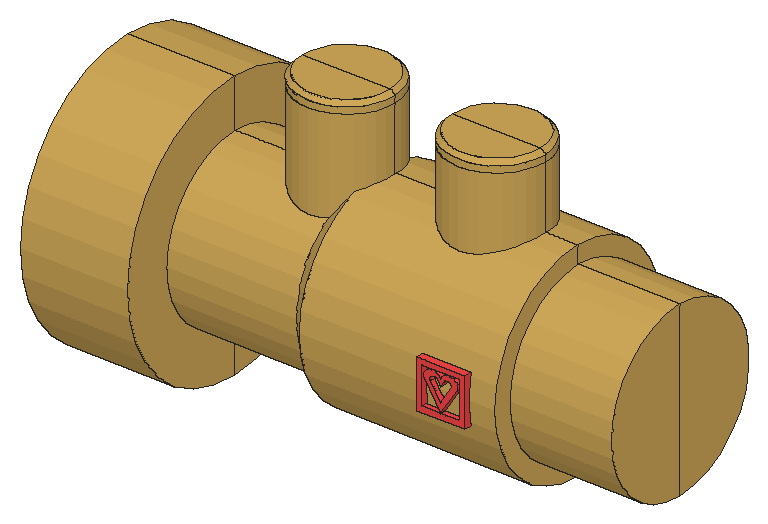
Revit family "Rückflussverhinderer 2623", category Rohrzubehör, Revit 2021
Family settings
  Bemaßung runder Anschluss = Durchmesser verwenden
  Teiletyp = Unterbricht
  OmniClass-Nummer = 23.65.55.14
  OmniClass-Titel = Valves for Liquid Services
  Arbeitsebenenbasiert = Nein
  Immer vertikal = Ja
  Beim Laden mit Abzugskörper schneiden = Nein
  Gemeinsam genutzt = Nein
Parameters
  Vorgabe-Ansicht = 0.00 mm
  Min. Betriebstemperatur (Wasser) = 0.5 °C  # constant formula
  Min. Betriebstemperatur = -10 °C  # constant formula
  Max. Betriebstemperatur = 95 °C  # constant formula
  Max. Betriebsdruck = 1600000.0 Pa  # constant formula
  W01 = 45.00°  # constant formula
  URL = "www.herz-armaturen.at"
  Stopfen = "Messing"  # constant formula
  SC_NennweiteBerechnet = 0
  SC_Dimension = ""
  SCTWSEQ = "FW;SBT_TYP_FW=\"108\";2"
  SCTWCODE = "04;14;02"  # constant formula
  S03 = 10.00 mm  # constant formula
  S02 [instance] = L00 / 2  # 44.00 mm
  S01 [instance] = (L00 / 2) + L07 - L06  # 59.00 mm
  Rückschlagventil = "POM (Gehäuse), NBR (O-Ring), Edelstahl AISI 302 (Feder)"  # constant formula
  R01 = 9.00 mm  # constant formula
  Nennweite [instance] = 32.00 mm
  Medium = "klare Flüssigkeiten"  # constant formula
  LO1 [instance] = if(Nennweite = 20.00 mm, 18.00 mm, if(Nennweite = 25.00 mm, 18.00 mm, if(Nennweite = 32.00 mm, 24.00 mm, 1.00 mm)))  # 24.00 mm
  L07 [instance] = size_lookup("2623_", "L7", 1.00 mm, Nennweite)  # 20.00 mm
  L06 [instance] = size_lookup("2623_", "L6", 1.00 mm, Nennweite)  # 5.00 mm
  L05 [instance] = size_lookup("2623_", "L5", 1.00 mm, Nennweite) + L04  # 53.90 mm
  L04 [instance] = size_lookup("2623_", "L4", 1.00 mm, Nennweite)  # 25.90 mm
  L03 [instance] = size_lookup("2623_", "L3", 1.00 mm, Nennweite)  # 19.00 mm
  L02 [instance] = size_lookup("2623_", "L2", 1.00 mm, Nennweite)  # 32.50 mm
  L01 [instance] = size_lookup("2623_", "L1", 1.00 mm, Nennweite)  # 2.50 mm
  L00 [instance] = size_lookup("2623_", "L", 1.00 mm, Nennweite)  # 88.00 mm
  Innengewinde = "gemäß ISO 228"  # constant formula
  IG [instance] = Nennweite / 2  # 16.00 mm
  Hinweis = "Gemäß Art 33 der REACH-Verordnung (EG Nr. 1907/2006) sind wir verpflichtet, darauf hinzuweisen, dass der Stoff Blei auf der SVHC-Liste geführt wird und dass alle aus Messing bestehenden Bauteile, die in unseren Erzeugnissen verarbeitet sind, mehr als 0,1 % (w/w) Blei (CAS: 7439-92-1 / EINECS: 231-100-4) enthalten.\r\nDa Blei als Legierungsbestandteil fest gebunden ist, sind keine Expositionen zu erwarten und daher sind keine zusätzlichen Angaben zur sicheren Verwendung notwendig."
  Hersteller = "HERZ Armaturen Ges.m.b.H."  # constant formula
  H02 = 2.00 mm  # constant formula
  H01 [instance] = size_lookup("2623_", "H1", 1.00 mm, Nennweite)  # 31.00 mm
  Gehäuse = "Pressmessing gemäß EN 12420"  # constant formula
  GT [instance] = size_lookup("2623_", "GT", 1.00 mm, Nennweite)  # 12.00 mm
  Endstück = "Pressmessing"  # constant formula
  Dichtung = "EPDM"  # constant formula
  D04 [instance] = size_lookup("2623_", "D4", 1.00 mm, Nennweite)  # 25.00 mm
  D03 [instance] = size_lookup("2623_", "D3", 1.00 mm, Nennweite)  # 19.30 mm
  D02 [instance] = size_lookup("2623_", "D2", 1.00 mm, Nennweite)  # 16.00 mm
  D01 [instance] = size_lookup("2623_", "D1", 1.00 mm, Nennweite)  # 18.90 mm
  Bestellnummer [instance] = size_lookup("2623_", "Artnr", 0, Nennweite)  # 1262304
  Außengewinde = "gemäß ISO 228"  # constant formula
  Anwendung = "Kann in Zentralheizungsanlagen, Energiesystemen, Konstruktionen und Maschinenbauanlagen überall verwendet werden, um Rückschläge zu verhindern.\r\nDieses Produkt kann mit verschiedenen Medien betrieben werden, im allgemeinen wird es jedoch mit klaren Flüssigkeiten benutzt.\r\nDas Ventil kann in jeder Position benutzt werden.\r\nDie Strömungsrichtung ist mit einem Pfeil am Gehäuse angegeben.\r\nDas Rückschlagventil wird federbelastet mittels einer Axialführung und kann sowohl bei niedrigen als auch bei hohen Drücken arbeiten.\r\nZum Messen sind zwei Bohrungen im Gehäuse ausgeführt in welchen jeweils ein 1/4 Stopfen montiert ist."
  AG [instance] = Nennweite / 2  # 16.00 mm
Reference planes
  plane 1 "Mitte (Vorne/hinten)": y = 0
  plane 2: z = 0
  plane 3 "Mitte (Links/rechts)": x = 0
Forms (mm)
  Revolve 1, solid, material "Messing, weicher Gelbton, geschweißt", detail levels fine
    sketch origin (0, 0, 0) x (1, 0, 0) y (0, 0, 1)
      loop
        line (-44, 0) -> (44, 0) -> (44, 16) -> (25, 16) -> (25, 19.3) -> (-11.5, 19.3) -> (-14.8, 16) -> (-41.5, 16) -> (-41.5, 18.9) -> (-44, 18.9) -> (-44, 0)
      axis (-44, 0) -> (44, 0)
    angle from 0 to 360
  Revolve 2, solid, material "Messing, weicher Gelbton, geschweißt", detail levels fine
    sketch origin (0, 0, 0) x (1, 0, 0) y (0, 0, 1)
      loop
        line (-18.1, 0) -> (-9.1, 0) -> (-9.1, 31) -> (-18.1, 31) -> (-18.1, 0)
      axis (-18.1, 31) -> (-18.1, 0)
    angle from 0 to 360
  Revolve 3, solid, material "Messing, weicher Gelbton, geschweißt", detail levels fine
    sketch origin (0, 0, 0) x (1, 0, 0) y (0, 0, 1)
      loop
        line (9.9, 0) -> (18.9, 0) -> (18.9, 31) -> (9.9, 31) -> (9.9, 0)
      axis (9.9, 31) -> (9.9, 0)
    angle from 0 to 360
  Revolve 4, solid, material "Messing, weicher Gelbton, geschweißt", detail levels fine
    sketch origin (0, 0, 0) x (1, 0, 0) y (0, 0, 1)
      loop
        line (-39, 0) -> (-39, 25) -> (-59, 25) -> (-59, 16) -> (-47, 16) -> (-47, 0) -> (-39, 0)
      axis (-59, 0) -> (-39, 0)
    angle from 0 to 360
  Revolve 5, solid, material "Messing, weicher Gelbton, geschweißt", detail levels fine
    sketch origin (0, 0, 0) x (1, 0, 0) y (0, 0, 1)
      loop
        line (-18.1, 31) -> (-9.1, 31) -> (-9.1, 32.2) -> (-9.9, 33) -> (-18.1, 33) -> (-18.1, 31)
      axis (-18.1, 33) -> (-18.1, 31)
    angle from 0 to 360
  Revolve 6, solid, material "Messing, weicher Gelbton, geschweißt", detail levels fine
    sketch origin (0, 0, 0) x (1, 0, 0) y (0, 0, 1)
      loop
        line (9.9, 31) -> (18.9, 31) -> (18.9, 32.2) -> (18.1, 33) -> (9.9, 33) -> (9.9, 31)
      axis (9.9, 31) -> (9.9, 33)
    angle from 0 to 360
Lines and regions (mm)
  model lines, detail levels coarse+medium
    curve 1: line (-59, 0, 25) -> (-59, 0, -25)
    curve 2: line (-59, 0, 25) -> (44, 0, -25)
    curve 3: line (44, 0, -25) -> (44, 0, 25)
    curve 4: circle (-59, 0, 25) r 10 normal (0, -1, 0)
    curve 5: line (-59, -25, 0) -> (-59, 25, 0)
    curve 6: line (-59, 25, 0) -> (44, -25, 0)
    curve 7: line (44, -25, 0) -> (44, 25, 0)
    curve 8: circle (-59, 25, 0) r 10 normal (0, 0, 1)
Dimensions and locks
  equal spacing: Revolve 1 sketch curve, plane 3 "Mitte (Links/rechts)", Revolve 1 sketch curve
  "L00": Revolve 1 sketch curve to Revolve 1 sketch curve
  "AG": Revolve 1 sketch curve to plane 2
  "L01": Revolve 1 sketch curve to Revolve 1 sketch curve
  "L02": Revolve 1 sketch curve to Revolve 1 sketch curve
  "D01": Revolve 1 sketch curve to plane 2
  "D02": Revolve 1 sketch curve to plane 2
  "D03": Revolve 1 sketch curve to plane 2
  "L03": Revolve 1 sketch curve to Revolve 1 sketch curve
  "R01": Revolve 2 sketch curve to Revolve 2 sketch curve
  "H01": Revolve 2 sketch curve to plane 2
  "L04": Revolve 1 to Revolve 2 sketch curve
  "L05": Revolve 1 to Revolve 3 sketch curve
  "R01": Revolve 3 sketch curve to Revolve 3 sketch curve
  "H01": Revolve 3 sketch curve to plane 2
  "D03": nested 1 to plane 1 "Mitte (Vorne/hinten)"
  "LO1": nested 1 to Revolve 1
  "L06": Revolve 1 to Revolve 4 sketch curve
  "L07": Revolve 4 sketch curve to Revolve 4 sketch curve
  "GT": Revolve 4 sketch curve to Revolve 4 sketch curve
  "D04": Revolve 4 sketch curve to plane 2
  "IG": Revolve 4 sketch curve to Revolve 4 sketch curve
  "H01": Revolve 5 sketch curve to plane 2
  "H02": Revolve 5 sketch curve to Revolve 5 sketch curve
  "R01": Revolve 5 sketch curve to Revolve 5 sketch curve
  "L04": Revolve 1 to Revolve 5 sketch curve
  "R01": Revolve 6 sketch curve to Revolve 6 sketch curve
  "H01": Revolve 6 sketch curve to plane 2
  "H02": Revolve 6 sketch curve to Revolve 6 sketch curve
  "L05": Revolve 6 sketch curve to Revolve 1
  "D04": curve 2 to plane 2 to curve 1
  "D04": curve 3 to plane 2 to curve 3
  "S01": curve 1 to plane 3 "Mitte (Links/rechts)"
  "S02": curve 3 to plane 3 "Mitte (Links/rechts)"
  "S01": plane 3 "Mitte (Links/rechts)" to curve 4
  "D04": curve 5 to plane 1 "Mitte (Vorne/hinten)" to curve 6
  "D04": curve 7 to plane 1 "Mitte (Vorne/hinten)" to curve 7
  "S01": curve 5 to plane 3 "Mitte (Links/rechts)"
  "S02": plane 3 "Mitte (Links/rechts)" to curve 7
  "S01": curve 8 to plane 3 "Mitte (Links/rechts)"
  "S03": radius of curve 4
  "S03": radius of curve 8
  "W01": angle Revolve 1 sketch curve to Revolve 1 sketch curve
  "W01": angle Revolve 5 sketch curve to Revolve 5 sketch curve
  "W01": angle Revolve 6 sketch curve to Revolve 6 sketch curve
  aligned and locked: level to plane 2
Automatic sketch dimensions
  curve 4 to curve 1 = 0.00 mm
  curve 8 to curve 5 = 0.00 mm
  Revolve 1 sketch curve to level = 0.00 mm  (x2)
  Revolve 1 sketch curve to Revolve 1 sketch curve = 0.00 mm
  Revolve 1 sketch curve to Revolve 1 sketch curve = 1805.148 mm
  Revolve 2 sketch curve to level = 0.00 mm  (x2)
  Revolve 2 sketch curve to Revolve 2 sketch curve = 0.00 mm  (x2)
  Revolve 3 sketch curve to level = 0.00 mm  (x2)
  Revolve 3 sketch curve to Revolve 3 sketch curve = 0.00 mm  (x2)
  Revolve 4 sketch curve to level = 0.00 mm  (x2)
  Revolve 4 sketch curve to Revolve 4 sketch curve = 1461.53 mm
  plane 3 "Mitte (Links/rechts)" to Revolve 4 sketch curve = 1839.148 mm
  Revolve 5 sketch curve to Revolve 5 sketch curve = 0.00 mm  (x3)
  Revolve 5 sketch curve to Revolve 5 sketch curve = 0.80 mm
  Revolve 6 sketch curve to Revolve 6 sketch curve = 0.00 mm  (x3)
  Revolve 6 sketch curve to Revolve 6 sketch curve = 0.80 mm
Nested families
  nested 1: "Herz-Logo-vorne" at (15.5, -19.3, 0) x (0, 1, 0) z (0, 0, 1), type "Herz-Logo-vorne", detail levels fine
Connectors
  piping at (44, 0, 0), diameter 32, driven by "Nennweite"
    settings: on Revolve 1, index 2, connector inside diameter 609.6 mm, connector length 0.00 mm, flow factor 0, pipe flow 0.0 L/s, pressure drop 0.0 Pa, fitting loss kfactor 0, connector angle 0.00°, fixture units 0, engagement length 0.00 mm, angle of deflection 0.00°, flow configuration 0, flow direction 2, fitting loss method 0, system type 29, joint type 0, gender type 0, connector reference index -1, connector utility 0, adjustable connector no, is connector primary yes, connector description ""
  piping at (-47, 0, 0), diameter 32, driven by "Nennweite"
    settings: on Revolve 4, index 3, connector inside diameter 609.6 mm, connector length 0.00 mm, flow factor 0, pipe flow 0.0 L/s, pressure drop 0.0 Pa, fitting loss kfactor 0, connector angle 0.00°, fixture units 0, engagement length 0.00 mm, angle of deflection 0.00°, flow configuration 0, flow direction 1, fitting loss method 0, system type 29, joint type 0, gender type 0, connector reference index -1, connector utility 0, adjustable connector no, is connector primary no, connector description ""
Definition of nested family "Herz-Logo-vorne"
  Parameters (values of type "Herz-Logo-vorne")
    Default Elevation = 0.00 mm
  Reference planes
    plane 1 "Mitte (Vorne/hinten)": y = 0
    plane 2: z = 0
    plane 3 "Mitte (Links/rechts)": x = 0
  Forms (mm)
    Extrusion 1, solid
      sketch origin (0.732, -0.018, 0.017) x (0, -1, 0) y (0, 0, 1)
        loop
          line (-0.018, -4.517) -> (4.482, -4.517) -> (4.482, 4.483) -> (-4.518, 4.483) -> (-4.518, -4.517) -> (-0.018, -4.517)
        loop
          line (-0.05, -3.48) -> (3.482, -3.48) -> (3.482, 3.483) -> (-3.518, 3.483) -> (-3.518, -3.48) -> (-0.05, -3.48)
        loop
          arc (-0.018, 2.383) -> (-1.543, 3.287) -> (-3.067, 2.383) r 1.738
          arc (-3.067, 2.383) -> (-3.191, 1.899) -> (-3.067, 1.415) r 1.009
          line (-3.067, 1.415) -> (-0.018, -3.281) -> (3.032, 1.415)
          arc (3.032, 1.415) -> (3.156, 1.899) -> (3.032, 2.383) r 1.009
          arc (3.032, 2.383) -> (1.507, 3.287) -> (-0.018, 2.383) r 1.738
        loop
          arc (1.885, 1.272) -> (2.005, 1.675) -> (1.885, 2.079) r 0.74
          arc (1.885, 2.079) -> (1.265, 2.416) -> (0.644, 2.079) r 0.74
          line (0.644, 2.079) -> (-0.018, 0.97) -> (-0.679, 2.079)
          arc (-0.679, 2.079) -> (-1.3, 2.416) -> (-1.921, 2.079) r 0.74
          arc (-1.921, 2.079) -> (-2.04, 1.675) -> (-1.921, 1.272) r 0.74
          line (-1.921, 1.272) -> (-0.018, -1.658) -> (1.885, 1.272)
      from 0 to 1.5
  Dimensions and locks
    aligned and locked: level to plane 2
